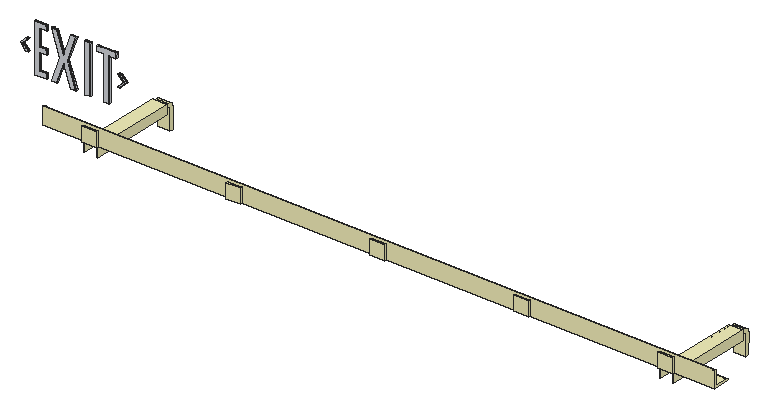
Revit family
Parameters (values of type "As Specified")
  Warranty Duration (Years) = 0
  Wall battens = ARCAT - Metal - Brass, Polished
  URL = "http://www.jrclancy.com/"
  Specification = "http://www.arcat.com/sdspecs/htm/11060jrc.htm"
  SpecWizard = "http://www.arcat.com/specwizard/11060jrc/index.htm?coid=33408&mf="
  Send Message = "http://admin.arcat.com/users.pl?action=UserEmail&company=J.%20R.%20Clancy%20Inc.&coid=33408&rep=121&fax=315-451-1766&mf="
  Sales Information = "http://www.jrclancy.com/about_wheretobuy.html"
  Product Properties = ""
  Product Data = "http://www.arcat.com/arcatcos/cos33/arc33408.html"
  Model = "012-1650"
  Manufacturer Website = "http://www.jrclancy.com/"
  Manufacturer Phone - Toll Free = "800-836-1885"
  Manufacturer Phone = "315-451-3440"
  Manufacturer Fax = "315-451-1766"
  Manufacturer Address = "J. R. Clancy Inc. 7040 Interstate Island, Syracuse, NY 13209"
  Manufacturer = "JR Clancy Inc."
  Maintenance Schedule (Months) = 0
  Keynote = "11 61 43"
  Installation Phase = ""
  Expected Lifespan (Years) = 0
  Drawn By = "Robert S. Weygant. CSI, CDT, SCIP"
  Description = "J.R. Clancy J-Guide - Knee Wall"
  Copyright = "2010, ARCAT, Inc."
  Construction Details = "http://www.arcat.com/details/jrclancy/jrclancy.html?coid=33408"
  Building Codes = "http://www.jrclancy.com/about_iso9001.html"
  Assembly Code = "E1020330"
  Box = Anchor / 1' 0"  # 5
  Anchor = 5' - 0"
Reference planes (in)
  plane 1 "Center (Front/Back)": y = 428.32621
  plane 2 "Bottom": z = 0
  plane 3 "Center": x = 905.08141
  plane 4 "Left Anchor": x = 875.08141
  plane 5 "Right Anchor": x = 935.08141
  plane 6 "Left": x = 870.08141
  plane 7 "Right": x = 940.08141
Forms (in)
  Extrusion 1, void
    sketch origin (862.97403, 426.88871, 0) x (1, 0, 0) y (0, 0, 1)
      loop
        line (-2.0505, 7.25) -> (-2.0505, 0.25) -> (9.4495, 0.25) -> (9.4495, 7.25) -> (-2.0505, 7.25)
    from 0 to 0.125
  Extrusion 2, solid
    sketch origin (862.97403, 426.88871, 0) x (1, 0, 0) y (0, 0, 1)
      loop
        line (-0.3005, 1.25) -> (0.9495, 1.25) -> (0.9495, 1.75) -> (0.1995, 1.75) -> (0.1995, 3.5) -> (0.9495, 3.5) -> (0.9495, 3.75) -> (0.9495, 4) -> (0.1995, 4) -> (0.1995, 5.75) -> (0.9495, 5.75) -> (0.9495, 6.25) -> (-0.3005, 6.25) -> (-0.3005, 3.75) -> (-0.3005, 1.25)
      loop
        line (1.4495, 1.25) -> (1.98159, 1.25) -> (2.73443, 3.3184) -> (3.48727, 1.25) -> (4.01935, 1.25) -> (3.10943, 3.75) -> (4.01935, 6.25) -> (3.48727, 6.25) -> (2.73443, 4.1816) -> (1.98159, 6.25) -> (1.4495, 6.25) -> (2.35943, 3.75) -> (1.4495, 1.25)
      loop
        line (4.9495, 1.25) -> (5.4495, 1.25) -> (5.4495, 6.25) -> (4.9495, 6.25) -> (4.9495, 1.25)
      loop
        line (6.1995, 6.25) -> (6.1995, 5.75) -> (6.9495, 5.75) -> (6.9495, 1.25) -> (7.1995, 1.25) -> (7.4495, 1.25) -> (7.4495, 5.75) -> (8.1995, 5.75) -> (8.1995, 6.25) -> (7.1995, 6.25) -> (6.1995, 6.25)
      loop
        line (-1.8005, 3.75) -> (-1.21447, 3.16397) -> (-0.96447, 3.16397) -> (-1.5505, 3.75) -> (-0.96447, 4.33603) -> (-1.21447, 4.33603) -> (-1.8005, 3.75)
      loop
        line (9.1995, 3.75) -> (8.61347, 4.33603) -> (8.36347, 4.33603) -> (8.9495, 3.75) -> (8.36347, 3.16397) -> (8.61347, 3.16397) -> (9.1995, 3.75)
    from 0 to 0.0625
  Extrusion 3, void
    sketch origin (862.97403, 426.76371, 0) x (1, 0, 0) y (0, 0, 1)
      loop
        line (-2.0505, 7.25) -> (-2.0505, 0.25) -> (9.4495, 0.25) -> (9.4495, 7.25) -> (-2.0505, 7.25)
    from 0 to 0.125
  Extrusion 4, solid
    sketch origin (862.97403, 426.76371, 0) x (1, 0, 0) y (0, 0, 1)
      loop
        line (-0.3005, 1.25) -> (0.9495, 1.25) -> (0.9495, 1.75) -> (0.1995, 1.75) -> (0.1995, 3.5) -> (0.9495, 3.5) -> (0.9495, 3.75) -> (0.9495, 4) -> (0.1995, 4) -> (0.1995, 5.75) -> (0.9495, 5.75) -> (0.9495, 6.25) -> (-0.3005, 6.25) -> (-0.3005, 3.75) -> (-0.3005, 1.25)
      loop
        line (1.4495, 1.25) -> (1.98159, 1.25) -> (2.73443, 3.3184) -> (3.48727, 1.25) -> (4.01935, 1.25) -> (3.10943, 3.75) -> (4.01935, 6.25) -> (3.48727, 6.25) -> (2.73443, 4.1816) -> (1.98159, 6.25) -> (1.4495, 6.25) -> (2.35943, 3.75) -> (1.4495, 1.25)
      loop
        line (4.9495, 1.25) -> (5.4495, 1.25) -> (5.4495, 6.25) -> (4.9495, 6.25) -> (4.9495, 1.25)
      loop
        line (6.1995, 6.25) -> (6.1995, 5.75) -> (6.9495, 5.75) -> (6.9495, 1.25) -> (7.1995, 1.25) -> (7.4495, 1.25) -> (7.4495, 5.75) -> (8.1995, 5.75) -> (8.1995, 6.25) -> (7.1995, 6.25) -> (6.1995, 6.25)
      loop
        line (-1.8005, 3.75) -> (-1.21447, 3.16397) -> (-0.96447, 3.16397) -> (-1.5505, 3.75) -> (-0.96447, 4.33603) -> (-1.21447, 4.33603) -> (-1.8005, 3.75)
      loop
        line (9.1995, 3.75) -> (8.61347, 4.33603) -> (8.36347, 4.33603) -> (8.9495, 3.75) -> (8.36347, 3.16397) -> (8.61347, 3.16397) -> (9.1995, 3.75)
    from 0 to 0.0625
  Extrusion 5, solid, material "ARCAT - Metal - Brass, Polished" <- "Wall battens"
    sketch origin (0, 428.32621, 1.745) x (1, 0, 0) y (0, 0, 1)
      loop
        line (874.33141, 1) -> (874.33141, 0) -> (874.45141, 0) -> (874.45141, 0.88) -> (875.71141, 0.88) -> (875.71141, 0) -> (875.83141, 0) -> (875.83141, 1) -> (874.33141, 1)
    from 0.83058 to 9.83058
  Extrusion 6, solid, material "ARCAT - Metal - Brass, Polished" <- "Wall battens"
    sketch origin (1802.76382, 428.32621, 1.745) x (-1, 0, 0) y (0, 0, -1)
      loop
        line (866.9324, -1) -> (868.4324, -1) -> (868.4324, 0) -> (868.3124, 0) -> (868.3124, -0.88) -> (867.0524, -0.88) -> (867.0524, 0) -> (866.9324, 0) -> (866.9324, -1)
    from 0.83058 to 9.83058
  Extrusion 7, solid, material "ARCAT - Metal - Brass, Polished" <- "Wall battens"
    sketch origin (875.08141, 557.06916, 46.40021) x (0, 1, 0) y (0, 0, 1)
      loop
        line (-132.49294, -44.08771) -> (-129.18044, -44.08771)
        arc (-129.18044, -44.08771) -> (-129.09205, -44.12433) -> (-129.05544, -44.21271) r 0.125
        line (-129.05544, -44.21271) -> (-129.05544, -46.40021) -> (-128.74294, -46.40021) -> (-128.74294, -44.21271)
        arc (-128.74294, -44.21271) -> (-128.87108, -43.90336) -> (-129.18044, -43.77521) r 0.4375
        line (-129.18044, -43.77521) -> (-132.49294, -43.77521) -> (-132.49294, -44.08771)
    from -0.63 to 0.63
  Extrusion 8, solid, material "ARCAT - Metal - Brass, Polished" <- "Wall battens"
    sketch origin (935.08141, 557.06916, 46.40021) x (0, 1, 0) y (0, 0, 1)
      loop
        line (-132.49294, -44.08771) -> (-129.18044, -44.08771)
        arc (-129.18044, -44.08771) -> (-129.09205, -44.12433) -> (-129.05544, -44.21271) r 0.125
        line (-129.05544, -44.21271) -> (-129.05544, -46.40021) -> (-128.74294, -46.40021) -> (-128.74294, -44.21271)
        arc (-128.74294, -44.21271) -> (-128.87108, -43.90336) -> (-129.18044, -43.77521) r 0.4375
        line (-129.18044, -43.77521) -> (-132.49294, -43.77521) -> (-132.49294, -44.08771)
    from -0.63 to 0.63
  Extrusion 9, solid, material "ARCAT - Metal - Brass, Polished" <- "Wall battens"
    sketch origin (875.08141, 557.06916, 46.40021) x (0, 1, 0) y (0, 0, 1)
      loop
        line (-136.82352, -43.65521) -> (-136.82352, -43.59271)
        arc (-136.82352, -43.59271) -> (-136.86013, -43.50433) -> (-136.94852, -43.46771) r 0.125
        line (-136.94852, -43.46771) -> (-138.26102, -43.46771)
        arc (-138.26102, -43.46771) -> (-138.34941, -43.4311) -> (-138.38602, -43.34271) r 0.125
        line (-138.38602, -43.34271) -> (-138.38602, -42.03021)
        arc (-138.38602, -42.03021) -> (-138.42263, -41.94183) -> (-138.51102, -41.90521) r 0.125
        line (-138.51102, -41.90521) -> (-138.57352, -41.90521) -> (-138.57352, -43.65521) -> (-136.82352, -43.65521)
    from -5 to 65
  Extrusion 10, solid, material "ARCAT - Metal - Brass, Polished" <- "Wall battens", detail levels medium+fine
    sketch origin (0, 428.32621, 0) x (1, 0, 0) y (0, 0, 1)
      loop
        line (874.33141, 4.245) -> (874.33141, 2.745) -> (875.83141, 2.745) -> (875.83141, 4.245) -> (874.33141, 4.245)
    from 9.83058 to 10.02194
  Extrusion 11, solid, material "ARCAT - Metal - Brass, Polished" <- "Wall battens", detail levels medium+fine
    sketch origin (60, 428.32621, 0) x (1, 0, 0) y (0, 0, 1)
      loop
        line (874.33141, 4.245) -> (874.33141, 2.745) -> (875.83141, 2.745) -> (875.83141, 4.245) -> (874.33141, 4.245)
    from 9.83058 to 10.02194
  Extrusion 12, solid, material "ARCAT - Metal - Brass, Polished" <- "Wall battens", detail levels medium+fine
    sketch origin (15, 428.32621, 0) x (1, 0, 0) y (0, 0, 1)
      loop
        line (874.33141, 4.245) -> (874.33141, 2.745) -> (875.83141, 2.745) -> (875.83141, 4.245) -> (874.33141, 4.245)
    from 9.83058 to 10.02194
  Extrusion 13, solid, material "ARCAT - Metal - Brass, Polished" <- "Wall battens", detail levels medium+fine
    sketch origin (30, 428.32621, 0) x (1, 0, 0) y (0, 0, 1)
      loop
        line (874.33141, 4.245) -> (874.33141, 2.745) -> (875.83141, 2.745) -> (875.83141, 4.245) -> (874.33141, 4.245)
    from 9.83058 to 10.02194
  Extrusion 14, solid, material "ARCAT - Metal - Brass, Polished" <- "Wall battens", detail levels medium+fine
    sketch origin (45, 428.32621, 0) x (1, 0, 0) y (0, 0, 1)
      loop
        line (874.33141, 4.245) -> (874.33141, 2.745) -> (875.83141, 2.745) -> (875.83141, 4.245) -> (874.33141, 4.245)
    from 9.83058 to 10.02194
Cuts and joins
  Extrusion 1 cuts Extrusion 2
  Extrusion 3 cuts Extrusion 4
Dimensions and locks (in)
  equal spacing: plane 4 "Left Anchor", plane 3 "Center", plane 5 "Right Anchor"
  equal spacing: Extrusion 5, plane 4 "Left Anchor", Extrusion 5
  locked: Extrusion 5 to Extrusion 5 at 1.26
  equal spacing: Extrusion 6, plane 5 "Right Anchor", Extrusion 6
  locked: Extrusion 6 to Extrusion 6 at 1.26
  "Anchor": plane 4 "Left Anchor" to plane 5 "Right Anchor"
  locked: plane 6 "Left" to plane 4 "Left Anchor" at 5
  locked: plane 5 "Right Anchor" to plane 7 "Right" at 5
  equal spacing: group 1, group 3, group 4, group 5, group 2  (x3)
  aligned and locked: Extrusion 7 sketch curve to plane 1 "Center (Front/Back)"
  aligned and locked: Extrusion 6 to Extrusion 5  (x2)
  aligned and locked: Extrusion 5 to Extrusion 6  (x2)
  aligned and locked: Extrusion 7 to Extrusion 5  (x2)
  aligned and locked: Extrusion 8 to Extrusion 6  (x2)
  aligned and locked: Extrusion 5 to Extrusion 9 sketch curve
  aligned and locked: plane 7 "Right" to Extrusion 9
  aligned and locked: Extrusion 9 to plane 6 "Left"
  aligned and locked: Extrusion 10 to Extrusion 5  (x2)
  aligned and locked: Extrusion 6 to Extrusion 11
Automatic sketch dimensions
  Extrusion 1 sketch curve to level = 0' - 0 1/4"
  Extrusion 1 sketch curve to plane 6 "Left" = 0' - 9.15788"
  plane 6 "Left" to Extrusion 1 sketch curve = 0' - 2.34212"
  Extrusion 1 sketch curve to Extrusion 1 sketch curve = 0' - 7"
  Extrusion 2 sketch curve to level = 0' - 3 3/4"  (x2)
  Extrusion 2 sketch curve to plane 6 "Left" = 0' - 8.90788"
  Extrusion 2 sketch curve to Extrusion 2 sketch curve = 0' - 0 1/4"  (x8)
  Extrusion 2 sketch curve to Extrusion 2 sketch curve = 0' - 0.33603"  (x3)
  Extrusion 2 sketch curve to level = 0' - 3.16397"
  Extrusion 2 sketch curve to Extrusion 2 sketch curve = 0' - 0.66397"
  Extrusion 2 sketch curve to Extrusion 2 sketch curve = 0' - 0 1/2"  (x9)
  Extrusion 2 sketch curve to Extrusion 2 sketch curve = 0' - 0 3/4"  (x5)
  Extrusion 2 sketch curve to Extrusion 2 sketch curve = 0' - 0.53209"  (x4)
  Extrusion 2 sketch curve to level = 0' - 1 1/4"  (x3)
  Extrusion 2 sketch curve to Extrusion 2 sketch curve = 0' - 1.40993"
  Extrusion 2 sketch curve to Extrusion 2 sketch curve = 0' - 0 3/8"  (x3)
  Extrusion 2 sketch curve to Extrusion 2 sketch curve = 0' - 1.50567"  (x2)
  Extrusion 2 sketch curve to Extrusion 2 sketch curve = 0' - 0.93015"
  Extrusion 2 sketch curve to plane 6 "Left" = 0' - 0.15788"
  plane 6 "Left" to Extrusion 2 sketch curve = 0' - 0.09212"  (x2)
  plane 6 "Left" to Extrusion 2 sketch curve = 0' - 1.25609"
  Extrusion 2 sketch curve to Extrusion 2 sketch curve = 0' - 0"  (x7)
  Extrusion 2 sketch curve to Extrusion 2 sketch curve = 0' - 1.91397"
  Extrusion 2 sketch curve to Extrusion 2 sketch curve = 0' - 2.0684"
  Extrusion 2 sketch curve to Extrusion 2 sketch curve = 0' - 1 3/4"  (x2)
  Extrusion 2 sketch curve to Extrusion 2 sketch curve = 0' - 0.58603"
  Extrusion 2 sketch curve to Extrusion 2 sketch curve = 0' - 0.4316"  (x3)
  Extrusion 2 sketch curve to Extrusion 2 sketch curve = 0' - 1.41397"
  Extrusion 3 sketch curve to level = 0' - 0 1/4"
  Extrusion 3 sketch curve to plane 6 "Left" = 0' - 9.15788"
  plane 6 "Left" to Extrusion 3 sketch curve = 0' - 2.34212"
  Extrusion 3 sketch curve to Extrusion 3 sketch curve = 0' - 7"
  Extrusion 4 sketch curve to level = 0' - 3 3/4"  (x2)
  Extrusion 4 sketch curve to plane 6 "Left" = 0' - 8.90788"
  Extrusion 4 sketch curve to Extrusion 4 sketch curve = 0' - 0 1/4"  (x8)
  Extrusion 4 sketch curve to Extrusion 4 sketch curve = 0' - 0.33603"  (x3)
  Extrusion 4 sketch curve to level = 0' - 3.16397"
  Extrusion 4 sketch curve to Extrusion 4 sketch curve = 0' - 0.66397"
  Extrusion 4 sketch curve to Extrusion 4 sketch curve = 0' - 0 1/2"  (x9)
  Extrusion 4 sketch curve to Extrusion 4 sketch curve = 0' - 0 3/4"  (x5)
  Extrusion 4 sketch curve to Extrusion 4 sketch curve = 0' - 0.53209"  (x4)
  Extrusion 4 sketch curve to level = 0' - 1 1/4"  (x3)
  Extrusion 4 sketch curve to Extrusion 4 sketch curve = 0' - 1.40993"
  Extrusion 4 sketch curve to Extrusion 4 sketch curve = 0' - 0 3/8"  (x3)
  Extrusion 4 sketch curve to Extrusion 4 sketch curve = 0' - 1.50567"  (x2)
  Extrusion 4 sketch curve to Extrusion 4 sketch curve = 0' - 0.93015"
  Extrusion 4 sketch curve to plane 6 "Left" = 0' - 0.15788"
  plane 6 "Left" to Extrusion 4 sketch curve = 0' - 0.09212"  (x2)
  plane 6 "Left" to Extrusion 4 sketch curve = 0' - 1.25609"
  Extrusion 4 sketch curve to Extrusion 4 sketch curve = 0' - 0"  (x7)
  Extrusion 4 sketch curve to Extrusion 4 sketch curve = 0' - 1.91397"
  Extrusion 4 sketch curve to Extrusion 4 sketch curve = 0' - 2.0684"
  Extrusion 4 sketch curve to Extrusion 4 sketch curve = 0' - 1 3/4"  (x2)
  Extrusion 4 sketch curve to Extrusion 4 sketch curve = 0' - 0.58603"
  Extrusion 4 sketch curve to Extrusion 4 sketch curve = 0' - 0.4316"  (x3)
  Extrusion 4 sketch curve to Extrusion 4 sketch curve = 0' - 1.41397"
  Extrusion 5 sketch curve to plane 4 "Left Anchor" = 0' - 0 3/4"
  Extrusion 5 sketch curve to Extrusion 5 sketch curve = 0' - 0.12"  (x3)
  plane 4 "Left Anchor" to Extrusion 5 sketch curve = 0' - 0.63"
  Extrusion 5 sketch curve to level = 0' - 1.745"
  Extrusion 5 sketch curve to Extrusion 5 sketch curve = 0' - 0"
  Extrusion 5 sketch curve to Extrusion 5 sketch curve = 0' - 0.88"
  plane 5 "Right Anchor" to Extrusion 6 sketch curve = 0' - 0 3/4"
  Extrusion 6 sketch curve to Extrusion 6 sketch curve = 0' - 0.12"  (x3)
  Extrusion 6 sketch curve to plane 5 "Right Anchor" = 0' - 0.63"
  Extrusion 6 sketch curve to level = 0' - 2.745"
  Extrusion 6 sketch curve to Extrusion 6 sketch curve = 0' - 0.88"  (x2)
  Extrusion 7 sketch curve to Extrusion 7 sketch curve = 0' - 0"  (x2)
  Extrusion 7 sketch curve to level = 0' - 0"
  Extrusion 7 sketch curve to Extrusion 7 sketch curve = 0' - 0 5/16"
  Extrusion 7 sketch curve to Extrusion 7 sketch curve = 0' - 0 1/8"
  Extrusion 7 sketch curve to Extrusion 7 sketch curve = 0' - 3 5/16"
  Extrusion 7 sketch curve to level = 0' - 2 3/16"
  Extrusion 8 sketch curve to Extrusion 8 sketch curve = 0' - 0"  (x2)
  Extrusion 8 sketch curve to level = 0' - 0"
  Extrusion 8 sketch curve to plane 1 "Center (Front/Back)" = 0' - 0"
  Extrusion 8 sketch curve to Extrusion 8 sketch curve = 0' - 0 5/16"
  Extrusion 8 sketch curve to Extrusion 8 sketch curve = 0' - 0 1/8"
  Extrusion 8 sketch curve to Extrusion 8 sketch curve = 0' - 3 5/16"
  Extrusion 8 sketch curve to level = 0' - 2 3/16"
  Extrusion 9 sketch curve to Extrusion 9 sketch curve = 0' - 0 1/16"  (x2)
  Extrusion 9 sketch curve to Extrusion 9 sketch curve = 0' - 0 1/8"  (x3)
  Extrusion 9 sketch curve to Extrusion 9 sketch curve = 0' - 1 5/16"  (x2)
  Extrusion 9 sketch curve to level = 0' - 2.745"
  Extrusion 10 sketch curve to Extrusion 10 sketch curve = 0' - 1 1/2"  (x2)
  Extrusion 11 sketch curve to Extrusion 11 sketch curve = 0' - 1 1/2"  (x2)
  Extrusion 12 sketch curve to Extrusion 12 sketch curve = 0' - 1 1/2"  (x2)
  Extrusion 13 sketch curve to Extrusion 13 sketch curve = 0' - 1 1/2"  (x2)
  Extrusion 14 sketch curve to Extrusion 14 sketch curve = 0' - 1 1/2"  (x2)
